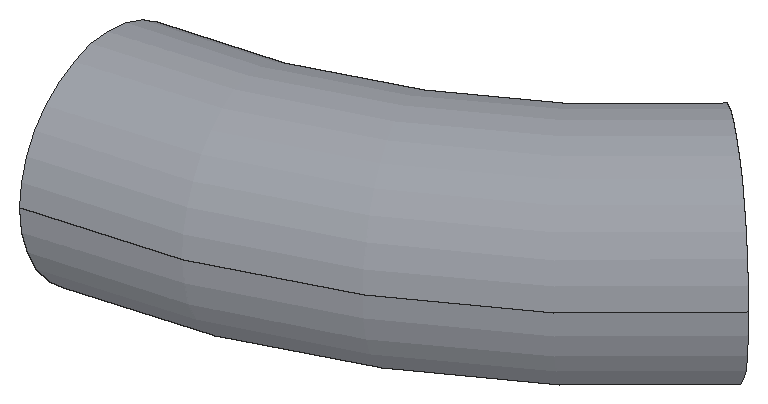
Revit family "BMP_PVC_Elbow45", category Pipe Fittings, Revit 2024
Family settings
  Round Connector Dimension = Use Diameter
  Part Type = Elbow
  Work Plane-Based = Yes
  Always vertical = No
  Cut with Voids When Loaded = No
  Shared = No
Parameters (values of type "21 mm")
  Default Elevation = 1219.2 mm
  BMP_Z_mm = 5 mm
  BMP_Z2_mm = 5 mm
  BMP_Parametric_Revision = "2.0"
  BMP_PN_bar = 15
  BMP_Manufacturer = "Binh Minh Plastics - independent catalogue-based BIM"
  BMP_L_mm = 70 mm
  BMP_H_mm = 35 mm
  BMP_H2_mm = 35 mm
  BMP_Geometry_Note = "Native parametric simplified fitting; editable type dimensions in millimeters."
  BMP_D_mm = 28 mm
  BMP_DN_mm = 21 mm
  BMP_DN2_mm = 21 mm
  BMP_D2_mm = 28 mm
  BMP_Catalogue_PDF_Page = "21"
  BMP_Bore_mm = 21.3 mm
  BMP_Bore2_mm = 21.3 mm
  BMP_Bend_Radius_mm = BMP_H_mm / tan(Angle / 2)  # 84.497 mm
  Angle = 45.00°  # constant formula
Types (9, lengths in mm): name | BMP_Z_mm | BMP_Z2_mm | BMP_PN_bar | BMP_L_mm | BMP_H_mm | BMP_H2_mm | BMP_D_mm | BMP_DN_mm | BMP_DN2_mm | BMP_D2_mm | BMP_Bore_mm | BMP_Bore2_mm | BMP_Bend_Radius_mm
  21 mm | 5 | 5 | 15 | 70 | 35 | 35 | 28 | 21 | 21 | 28 | 21.3 | 21.3 | 84.497
  27 mm | 6 | 6 | 15 | 82 | 41 | 41 | 33 | 27 | 27 | 33 | 26.7 | 26.7 | 98.983
  34 mm | 7 | 7 | 15 | 94 | 47 | 47 | 41 | 34 | 34 | 41 | 33.5 | 33.5 | 113.468
  42 mm | 9 | 9 | 15 | 106 | 53 | 53 | 50 | 42 | 42 | 50 | 42.2 | 42.2 | 127.953
  49 mm | 10 | 10 | 12 | 130 | 65 | 65 | 57 | 49 | 49 | 57 | 48.2 | 48.2 | 156.924
  60 mm | 13 | 13 | 6 | 76 | 38 | 38 | 67 | 60 | 60 | 67 | 60.2 | 60.2 | 91.74
  90 mm | 19 | 19 | 6 | 118 | 59 | 59 | 97 | 90 | 90 | 97 | 88.8 | 88.8 | 142.439
  114 mm | 24 | 24 | 6 | 148 | 74 | 74 | 123 | 114 | 114 | 123 | 114.1 | 114.1 | 178.652
  168 mm | 40 | 40 | 6 | 262 | 131 | 131 | 181 | 168 | 168 | 181 | 168.1 | 168.1 | 316.262
Reference planes
  plane 1 "Center (Front/Back)": y = 0
  plane 2: z = 0
  plane 3 "Center (Left/Right)": x = 0
Forms (mm)
  Revolve 1, solid, material "BMP_PVC"
    sketch origin (0, 0, 0) x (0, -1, 0) y (0, 0, 1)
      loop
        circle (84.497, 0) r 14
      loop
        circle (84.497, 0) r 10.65
      axis (0, 0) -> (0, -1)
    angle from 0 to 45 <- "Angle"
Lines and regions (mm)
  reference lines, not visible
    curve 1: line (0, -3000, 0) -> (0, 3000, 0)
    curve 2: line (0, 0, -3000) -> (0, 0, 3000)
Dimensions and locks
  "BMP_Bend_Radius_mm": Revolve 1 sketch curve to curve 2  (x2)
  "BMP_D_mm": diameter of Revolve 1 sketch curve  (x2)
  "BMP_Bore_mm": diameter of Revolve 1 sketch curve  (x2)
  aligned and locked: level to plane 2
  aligned and locked: curve 1 to Revolve 1 sketch curve  (x2)
Automatic sketch dimensions
  curve 1 to level = 0 mm
  curve 2 to plane 1 "Center (Front/Back)" = 0 mm
  curve 1 to plane 1 "Center (Front/Back)" = 3000 mm
  plane 1 "Center (Front/Back)" to curve 1 = 3000 mm
  curve 2 to level = 3000 mm
  level to curve 2 = 3000 mm
  Revolve 1 sketch curve to Revolve 1 sketch curve = 0 mm
  Revolve 1 sketch curve to plane 1 "Center (Front/Back)" = 0 mm
  plane 1 "Center (Front/Back)" to Revolve 1 sketch curve = 84.497 mm
  Revolve 1 sketch curve to level = 1000 mm
  level to Revolve 1 sketch curve = 1000 mm
Connectors
  piping at (0, -84.497, 0), diameter 21, driven by "BMP_DN_mm", driven by "Angle"
    settings: on Revolve 1, index 1, connector inside diameter 609.6 mm, connector length 0 mm, flow factor 0, pipe flow 0.0 L/s, pressure drop 0.0 Pa, fitting loss kfactor 0, connector angle 45.00°, fixture units 0, engagement length 0 mm, angle of deflection 0.00°, flow configuration 0, flow direction 0, fitting loss method 0, system type 28, joint type 0, gender type 0, connector reference index 2, connector utility 0, adjustable connector no, is connector primary yes, connector description ""
  piping at (59.749, -59.749, 0), diameter 21, driven by "BMP_DN_mm", driven by "Angle"
    settings: on Revolve 1, index 2, connector inside diameter 609.6 mm, connector length 0 mm, flow factor 0, pipe flow 0.0 L/s, pressure drop 0.0 Pa, fitting loss kfactor 0, connector angle 45.00°, fixture units 0, engagement length 0 mm, angle of deflection 0.00°, flow configuration 0, flow direction 0, fitting loss method 0, system type 28, joint type 0, gender type 0, connector reference index 1, connector utility 0, adjustable connector no, is connector primary no, connector description ""
